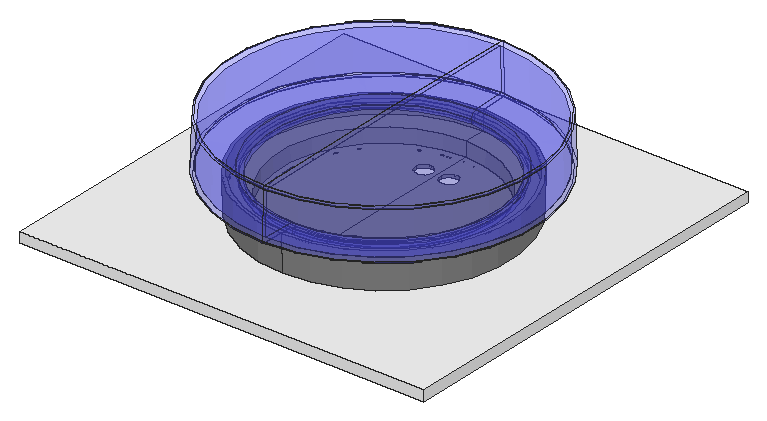
Revit family "BE_24026_de_DE", category Leuchten, Revit 2020
Family settings
  Basisbauteil = Fläche
  Bemaßung runder Anschluss = Durchmesser verwenden
  Teiletyp = Normal
  Beim Laden mit Abzugskörper schneiden = Ja
  Lichtquelle = Ja
  Gemeinsam genutzt = Nein
  Raumberechnungspunkt = Ja
Parameters (values of type "BEGA_24026_Grafit_K4")
  built-in parameter 1150104 = 12.105 (stored number, unit not read)
  Wattage = 14.2 W
  Default Elevation = 0 mm
  built-in parameter 1150113 = 1 (stored number, unit not read)
  built-in parameter 1114218 = 1 (stored number, unit not read)
  Umgebungstemperatur = "25 °C"
  URL = "https://www.bega.com/de/produkt/24026"
  Typenkommentare = "© 2022 BEGA. Wir behalten uns das Recht vor, technische Änderungen ohne vorherige Ankündigung vorzunehmen."  # constant formula
  Type Image = 24026.png
  built-in parameter 1150134 = 12
  built-in parameter 1150109 = 1 (stored number, unit not read)
  Strom = ""
  built-in parameter 1150110 = 1 (stored number, unit not read)
  Spannung = 239.996 V
  Sonderanfertigung = no
  Seriennummer [instance] = "Hier können Sie die eindeutige Seriennummer für das Facility Management eintragen."
  Schutzklasse = "I"
  Schutzart = "IP 65"
  Scheinlast = 0 VA
  Produktdatenblatt = "https://cdn.bega.com/bega/products/24026K3/current/documents/data-sheets/de"
  Oberflächentemperatur = ""
  Neigungswinkel = 0.00°
  Modell = "24026K4"
  Material_17 = BEGA_Reflektor
  Material_15 = BEGA_Leuchtmedium_matt
  Material_11 = BEGA_Glas_opal
  Material_09 = BEGA_Glas_klar
  Material_06 = BEGA_Oberfläche_Edelstahl_gebürstet
  Material_05 = BEGA_Oberfläche_Aluminium Guss
  Material_03 = BEGA_Oberfläche_Weiss_matt
  Material_02 = BEGA_Oberfläche_Silber_matt
  Material_01 [instance] = BEGA_Oberfläche_Grafit_matt
  M_W = no
  M_G = yes
  M_A = no
  Logo = 0
  built-in parameter 1114217 = 1 (stored number, unit not read)
  built-in parameter 1150139 = (empty or 0)
  built-in parameter 1150105 = 487.84 (stored number, unit not read)
  built-in parameter 1150114 = 1 (stored number, unit not read)
  Lumens = 1850.26 lm
  built-in parameter 1150115 = 1 (stored number, unit not read)
  Leuchtenlichtstrom = "1801 lm"
  Leuchtenanzahl = ""
  Lebensdauerkriterien = "L70B50 @ 25 °C = 200000 h"
  Lastklassifizierung = Beleuchtung
  built-in parameter 1150112 = 1 (stored number, unit not read)
  Lampenlichtstrom = "2625 lm"
  Lampe = "LED 13.8 W"
  LED_Modulbezeichnung = "LED-0917/840"
  built-in parameter 1150142 = (empty or 0)
  Hersteller = "BEGA"  # constant formula
  Halbstreuwinkel = ""
  Gewicht = "2.45 kg"
  Gebrauchslageneinschränkung [instance] = ""
  Frequenz = "0/50-60 Hz"
  Farbwiedergabeindex = "CRI > 80"
  Farbtemperaturverschiebung bei Dämpfen der Lampe = <Keine Auswahl>
  Farbtemperatur = "4000 K"
  Color Filter = 16777215
  built-in parameter 1150133 = 10 (stored number, unit not read)
  Energieeffizienzklasse = "LED A++ - A"
  built-in parameter 1150137 = (empty or 0)
  built-in parameter 1150132 = (empty or 0)
  ENEC = "ja"
  Dimmbar [instance] = "DALI"
  Datei für fotometrisches Netz = "BE_24026K4.IES"
  CE_Konformität = "ja"
  Bestellnummer = "24026K4"
  Beschreibung_Sonderanfertigung = "Hier können Sie Informationen zur Sonderanfertigung eintragen."
  Beschreibung = "Decken- und Wandleuchte"
  built-in parameter 1150106 = 4.8784 (stored number, unit not read)
  Befestigungsbohrung = "Ø 5,5 mm"
  Befestigungsabstand = "234 mm"
  Ballwurfsicher = ""
  BEGA_Intern_aus = yes
  BEGA_Intern_an = yes
  BEGA_Intern_Konstruktion = yes
  BEGA_Intern = yes
  BEGA_IES = yes
  BEGA_Dummy = no
  Anschlussleitung = ""
  Anschlussleistung [instance] = "16.3 W"
  Anschlusskasten = ""
  built-in parameter 1150107 = 4000 (stored number, unit not read)
  built-in parameter 1150102 = (empty or 0)
  built-in parameter 1150138 = (empty or 0)
  Aktualisierung = "2022-05-18T04:00:07"
  Abstand_zur_angestrahlten_Fläche [instance] = ""
  AC/DC = "AC/DC"
Types (2, lengths in mm): name | built-in parameter 1150134 | Modell | Leuchtenlichtstrom | Lampenlichtstrom | LED_Modulbezeichnung | Farbtemperatur | Datei für fotometrisches Netz | Bestellnummer | built-in parameter 1150107
  BEGA_24026_Grafit_K3 | (empty or 0) | "24026K3" | "1774 lm" | "2585 lm" | "LED-0917/830" | "3000 K" | "BE_24026K3.IES" | "24026K3" | 3000 (stored number, unit not read)
  BEGA_24026_Grafit_K4 | 12 | "24026K4" | "1801 lm" | "2625 lm" | "LED-0917/840" | "4000 K" | "BE_24026K4.IES" | "24026K4" | 4000 (stored number, unit not read)
Reference planes
  plane 1 "Mitte (Vorne/Hinten)": y = 0
  plane 2: z = 0
  plane 3 "Mitte (Links/Rechts)": x = 0
  plane 4 "Links": x = -149.9
  plane 5 "Rechts": x = 149.9
  plane 6 "Unten": y = -149.948
  plane 7 "Oben": y = 149.948
  plane 8 "Vorne": z = 88.482
  plane 9 "Hinten": z = 0
Forms (mm)
  Extrusion 1, solid, material "BEGA_Platte_Weiss"
    sketch origin (0, -1119.2, 0) x (1, 0, 0) y (0, 1, 0)
      loop
        line (-200, 1319.2) -> (-200, 919.2) -> (200, 919.2) -> (200, 1319.2) -> (-200, 1319.2)
    from 0 to -10
  Extrusion 2, solid, material "BEGA_Dummy_matt", visible <- "BEGA_Dummy"
    sketch origin (77.149, -76.023, 0) x (1, 0, 0) y (0, 1, 0)
      loop
        circle (-77.149, 76.023) r 150
    from 0 to 88.482
Dimensions and locks
  plane 1 "Mitte (Vorne/Hinten)" to Extrusion 1 = 200 mm
  aligned and locked: plane 2 to Extrusion 1
  aligned and locked: level to Extrusion 1
Nested families
  nested 1: "BE_24026" at (0, 0, 0), type "BE_24026"
Connectors
  electrical at (0, 0, 0), driven by "Lastklassifizierung", driven by "Spannung", driven by "Scheinlast"
    settings: index 1, voltage 239.996 V, apparent load 0 VA, apparent load phase1 0 VA, apparent load phase2 0 VA, apparent load phase3 0 VA, power factor 1, load classification "Beleuchtung", number of poles 1, system type 31, power factor state 1, is connector primary yes, connector utility no, sub classification motor no, connector description ""
Definition of nested family "BE_24026"
  Parameters (values of type "BE_24026")
    Default Elevation = 1 mm
    URL = "http://www.bega.de/de/produkt"
    Type Comments = "© 2015 BEGA. Wir behalten uns das Recht vor, technische Änderungen ohne vorherige Ankündigung vorzunehmen. "  # constant formula
    Type Image = (empty or 0)
    Neigungswinkel_um_Z2 = 0.00°
    Neigungswinkel_um_Z1 = 0.00°
    Neigungswinkel_um_Y2 = 0.00°
    Neigungswinkel_um_Y1 = 0.00°
    Neigungswinkel_um_X2 = 0.00°
    Neigungswinkel_um_X1 = 0.00°
    Material_17 = none
    Material_15 = none
    Material_11 = none
    Material_09 = none
    Material_06 = none
    Material_05 = none
    Material_03 = none
    Material_02 = none
    Material_01 = none
    M_W = yes
    M_G = yes
    M_A = yes
    Länge_Platte = 400 mm  # constant formula
    Höhe_Platte = -10 mm  # constant formula
    Manufacturer = "BEGA"  # constant formula
    Drehwinkel_um_Z2 = 0.00°
    Drehwinkel_um_Z1 = 0.00°
    Breite_Platte = 400 mm  # constant formula
  Reference planes
    plane 1 "Mitte (Oben/Unten)": y = 0
    plane 2: z = 0
    plane 3 "Mitte (Links/Rechts)": x = 0
    plane 4: y = -149.948
    plane 5: z = 88.482
    plane 6: y = 149.948
    plane 7: x = -149.9
    plane 8: x = 149.9
  Forms (mm)
    Extrusion 1, solid, detail levels medium
      sketch origin (0, 0, 0) x (1, 0, 0) y (0, 1, 0)
        loop
          line (-200, 200) -> (-200, -200) -> (200, -200) -> (200, 200) -> (-200, 200)
      from 0 to -10 <- "Höhe_Platte"
    Revolve 2, solid, material <- "Material_01", detail levels medium+fine
      sketch origin (0, 0, 0) x (0, 1, 0) y (0, 0, 1)
        loop
          line (0, 1.5) -> (0, 4) -> (-101.232, 4) -> (-101.721, 18) -> (-122.57, 18) -> (-122.264, 35.5) -> (-125.5, 35.5) -> (-124.889, 0.5) -> (-122.875, 0.5) -> (-122.613, 15.5) -> (-104.135, 15.5) -> (-103.645, 1.465)
          arc (-103.645, 1.465) -> (-103.34, 0.781) -> (-102.645, 0.5) r 1
          line (-102.645, 0.5) -> (-98.916, 0.5)
          arc (-98.916, 0.5) -> (-98.415, 0.635) -> (-98.049, 1.003) r 1
          arc (-98.049, 1.003) -> (-97.683, 1.367) -> (-97.185, 1.5) r 1
          line (-97.185, 1.5) -> (0, 1.5)
        axis (0, 35.5) -> (0, 0.5)
      angle from 0 to 360
    Revolve 3, solid, material <- "Material_01", detail levels medium+fine
      sketch origin (117, 0, 0) x (0, 1, 0) y (0, 0, 1)
        loop
          line (-2.75, -0.002) -> (-2.75, 16.628) -> (-8.028, 16.628) -> (-6.934, 0.974)
          arc (-6.934, 0.974) -> (-6.604, 0.28) -> (-5.888, -0.002) r 1.049
          line (-5.888, -0.002) -> (-2.75, -0.002)
        axis (0, -0.002) -> (0, 16.628)
      angle from 0 to 360
    Extrusion 4, void
      sketch origin (0, 0, 0) x (1, 0, 0) y (0, 1, 0)
        loop
          circle (-12.328, 65.33) r 8.5
        loop
          circle (12.328, 65.33) r 8.5
      from 0 to 10
    Revolve 5, solid, material <- "Material_11", detail levels medium+fine
      sketch origin (0, 0, 0) x (0, 1, 0) y (0, 0, 1)
        loop
          arc (-149.948, 38.981) -> (-149.399, 37.552) -> (-147.999, 36.93) r 2
          line (-147.999, 36.93) -> (-114.448, 36.051)
          arc (-114.448, 36.051) -> (-113.067, 35.447) -> (-112.5, 34.052) r 2
          line (-112.5, 34.052) -> (-112.5, 29) -> (-108.5, 29) -> (-108.5, 34.047)
          arc (-108.5, 34.047) -> (-110.202, 38.234) -> (-114.343, 40.045) r 6
          line (-114.343, 40.045) -> (-145.897, 40.876) -> (-144.793, 83.021)
          arc (-144.793, 83.021) -> (-72.4, 84.117) -> (0, 84.482) r 7176.541
          line (0, 84.482) -> (0, 88.48)
          arc (0, 88.48) -> (-73.402, 88.105) -> (-146.797, 86.979) r 7180.536
          arc (-146.797, 86.979) -> (-148.16, 86.395) -> (-148.745, 85.033) r 1.998
          line (-148.745, 85.033) -> (-149.948, 38.981)
        axis (0, 29) -> (0, 88.48)
      angle from 0 to 360
    Revolve 6, solid, material <- "Material_01", detail levels medium+fine
      sketch origin (-117, 0, 0) x (0, 1, 0) y (0, 0, -1)
        loop
          line (-2.75, 0.002) -> (-5.888, 0.002)
          arc (-5.888, 0.002) -> (-6.603, -0.28) -> (-6.934, -0.974) r 1.049
          line (-6.934, -0.974) -> (-8.028, -16.628) -> (-2.75, -16.628) -> (-2.75, 0.002)
        axis (0, 0.002) -> (0, -16.628)
      angle from 0 to 360
  Cuts and joins
    Extrusion 4 cuts Revolve 2
    Extrusion 4 cuts Revolve 3
    joined: Revolve 2, Revolve 3, Revolve 6
  Lines and regions (mm)
    model lines
      curve 1: line (93.513, 2.5, 0) -> (93.513, -2.602, 0)
  Dimensions and locks
    equal spacing: Extrusion 1 sketch curve, plane 3 "Mitte (Links/Rechts)", Extrusion 1 sketch curve
    equal spacing: Extrusion 1 sketch curve, plane 1 "Mitte (Oben/Unten)", Extrusion 1 sketch curve
    "Länge_Platte": Extrusion 1 sketch curve to Extrusion 1 sketch curve
    "Breite_Platte": Extrusion 1 sketch curve to Extrusion 1 sketch curve
    aligned and locked: Extrusion 1 to plane 2
    aligned and locked: level to Extrusion 1
  Automatic sketch dimensions
    plane 1 "Mitte (Oben/Unten)" to curve 1 = 2.602 mm
    curve 1 to plane 8 = 56.387 mm
    curve 1 to plane 1 "Mitte (Oben/Unten)" = 2.5 mm
    Revolve 2 sketch curve to plane 1 "Mitte (Oben/Unten)" = 0 mm  (x2)
    level to Revolve 2 sketch curve = 0.5 mm  (x3)
    Revolve 2 sketch curve to plane 4 = 52.764 mm
    Revolve 2 sketch curve to Revolve 2 sketch curve = 1.732 mm
    Revolve 2 sketch curve to Revolve 2 sketch curve = 2.315 mm
    level to Revolve 2 sketch curve = 18 mm
    Revolve 2 sketch curve to Revolve 2 sketch curve = 0.489 mm
    Revolve 2 sketch curve to Revolve 2 sketch curve = 1.414 mm
    level to Revolve 2 sketch curve = 15.5 mm
    Revolve 2 sketch curve to Revolve 2 sketch curve = 2.414 mm
    Revolve 2 sketch curve to Revolve 2 sketch curve = 20.544 mm
    Revolve 2 sketch curve to Revolve 2 sketch curve = 0.305 mm
    Revolve 2 sketch curve to Revolve 2 sketch curve = 0.044 mm
    Revolve 2 sketch curve to Revolve 2 sketch curve = 0.262 mm
    Revolve 2 sketch curve to Revolve 2 sketch curve = 2.014 mm
    Revolve 2 sketch curve to Revolve 2 sketch curve = 3.236 mm
    Revolve 2 sketch curve to Revolve 2 sketch curve = 1 mm  (x2)
    level to Revolve 2 sketch curve = 1.5 mm
    Revolve 2 sketch curve to Revolve 2 sketch curve = 2.5 mm
    Revolve 2 sketch curve to Revolve 2 sketch curve = 17.5 mm
    Revolve 2 sketch curve to Revolve 2 sketch curve = 0 mm  (x4)
    Revolve 2 sketch curve to Revolve 2 sketch curve = 0.864 mm
    Revolve 2 sketch curve to Revolve 2 sketch curve = 0.999 mm
    level to Revolve 2 sketch curve = 1.465 mm
    Revolve 3 sketch curve to plane 1 "Mitte (Oben/Unten)" = 0 mm
    Revolve 3 sketch curve to level = 0 mm
    Revolve 3 sketch curve to level = 0.002 mm
    plane 1 "Mitte (Oben/Unten)" to Revolve 3 sketch curve = 2.75 mm
    Revolve 3 sketch curve to Revolve 3 sketch curve = 3.138 mm
    level to Revolve 3 sketch curve = 0.974 mm
    Revolve 3 sketch curve to Revolve 3 sketch curve = 1.046 mm
    Revolve 3 sketch curve to Revolve 3 sketch curve = 5.278 mm
    Revolve 3 sketch curve to Revolve 3 sketch curve = 15.581 mm
    Revolve 3 sketch curve to Revolve 3 sketch curve = 3.016 mm
    Extrusion 4 sketch curve to plane 3 "Mitte (Links/Rechts)" = 12.328 mm
    plane 3 "Mitte (Links/Rechts)" to Extrusion 4 sketch curve = 12.328 mm
    Extrusion 4 sketch curve to plane 1 "Mitte (Oben/Unten)" = 65.33 mm
    Extrusion 4 sketch curve to Extrusion 4 sketch curve = 0 mm
    Revolve 5 sketch curve to plane 1 "Mitte (Oben/Unten)" = 0 mm  (x2)
    plane 1 "Mitte (Oben/Unten)" to Revolve 5 sketch curve = 0 mm
    Revolve 5 sketch curve to plane 4 = 41.448 mm
    Revolve 5 sketch curve to Revolve 5 sketch curve = 4 mm
    Revolve 5 sketch curve to Revolve 5 sketch curve = 2 mm
    Revolve 5 sketch curve to Revolve 5 sketch curve = 0 mm  (x9)
    Revolve 5 sketch curve to plane 4 = 5.155 mm
    Revolve 5 sketch curve to plane 4 = 4.052 mm
    Revolve 5 sketch curve to Revolve 5 sketch curve = 1.955 mm
    Revolve 5 sketch curve to plane 4 = 2 mm
    Revolve 5 sketch curve to plane 4 = 1.949 mm
    Revolve 5 sketch curve to plane 4 = 1.203 mm
    Revolve 5 sketch curve to plane 1 "Mitte (Oben/Unten)" = 0.009 mm
    Revolve 5 sketch curve to level = 7092.059 mm
    Revolve 5 sketch curve to Revolve 5 sketch curve = 0.003 mm
    level to Revolve 5 sketch curve = 29 mm
    Revolve 5 sketch curve to Revolve 5 sketch curve = 5.047 mm
    Revolve 5 sketch curve to Revolve 5 sketch curve = 0.004 mm  (x2)
    Revolve 5 sketch curve to Revolve 5 sketch curve = 2.878 mm
    Revolve 5 sketch curve to Revolve 5 sketch curve = 1.999 mm
    Revolve 5 sketch curve to Revolve 5 sketch curve = 1.947 mm
    plane 5 to Revolve 5 sketch curve = 5.461 mm
    Revolve 5 sketch curve to Revolve 5 sketch curve = 1.961 mm
    Revolve 5 sketch curve to Revolve 5 sketch curve = 0.051 mm
    Revolve 5 sketch curve to Revolve 5 sketch curve = 3.998 mm
    Revolve 5 sketch curve to Revolve 5 sketch curve = 0.157 mm
    Revolve 5 sketch curve to Revolve 5 sketch curve = 0.052 mm
    Revolve 5 sketch curve to plane 4 = 0.001 mm
    Revolve 5 sketch curve to Revolve 5 sketch curve = 19.552 mm
    Revolve 5 sketch curve to Revolve 5 sketch curve = 8.85 mm
    Revolve 6 sketch curve to plane 1 "Mitte (Oben/Unten)" = 0 mm
    Revolve 6 sketch curve to level = 0 mm
    Revolve 6 sketch curve to level = 0.002 mm
    plane 1 "Mitte (Oben/Unten)" to Revolve 6 sketch curve = 2.75 mm
    Revolve 6 sketch curve to Revolve 6 sketch curve = 3.138 mm
    level to Revolve 6 sketch curve = 0.974 mm
    Revolve 6 sketch curve to Revolve 6 sketch curve = 1.046 mm
    Revolve 6 sketch curve to Revolve 6 sketch curve = 5.278 mm
    Revolve 6 sketch curve to Revolve 6 sketch curve = 15.654 mm
    Revolve 6 sketch curve to Revolve 6 sketch curve = 3.016 mm
    radius of Extrusion 4 sketch curve = 8.5 mm  (x2)
